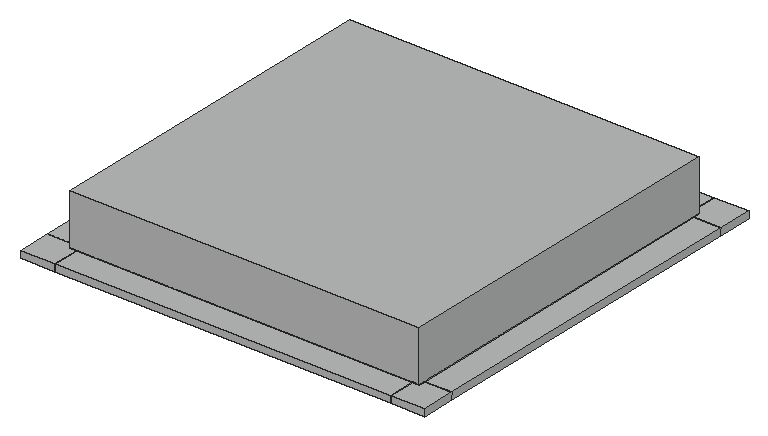
Revit family "ALUMOGIPS", category Осветительные приборы, Revit 2019 (continued)
Types (72, lengths in mm): name | Файл фотометрической сетки | built-in parameter 1150105 | Lumens | built-in parameter 1150106 | built-in parameter 1150142 | Wattage | Emit from Rectangle Width | Emit from Rectangle Length | Длина | Материал светильника | Ширина | ADSK_Ток | ADSK_Полная мощность | ADSK_Обозначение | ADSK_Номинальная мощность | ADSK_Наименование | ADSK_Масса | ADSK_Код изделия
    0.098 0.098 0.098 0.098 0.098 0.098 0.098 0.000 0.000 0.000 0.000 \r\n1417.637 1417.044 1413.295 1407.474 1398.890 1388.135 1374.815 1358.437 1340.184 1319.661 1296.869 1271.808 1244.971 1216.258 1185.673 1153.507 1120.158 1085.131 \r\n1048.823 1011.329 973.046 933.284 893.127 851.884 810.741 768.314 725.888 683.165 639.752 596.240 552.728 509.019 465.902 422.686 379.371 337.044 295.505 254.757 215.388 176.909 \r\n138.232 103.698 70.942 40.157 12.136 0.592 0.592 0.592 0.493 0.493 0.493 0.493 0.493 0.493 0.493 0.395 0.395 0.395 0.395 0.395 0.395 0.395 0.395 0.296 0.296 0.296 0.296 0.296 0.296 0.296 0.296 0.197 \r\n0.197 0.197 0.197 0.197 0.197 0.197 0.197 0.098 0.098 0.098 0.098 0.098 0.098 0.098 0.098 0.000 0.000 0.000 0.000 \r\n1417.637 1416.946 1413.197 1407.376 1398.693 1387.839 1374.520 1358.042 1339.789 1319.168 1296.376 1271.315 1244.477 1215.765 1185.179 1152.915 1119.566 1084.539 \r\n1048.230 1010.638 972.356 932.594 892.436 851.194 810.050 767.623 725.197 682.474 639.160 595.649 552.038 508.427 465.310 422.094 378.878 336.550 295.111 254.362 214.895 176.514 \r\n137.935 103.403 70.744 39.960 11.939 0.592 0.592 0.592 0.493 0.493 0.493 0.493 0.493 0.493 0.493 0.395 0.395 0.395 0.395 0.395 0.395 0.395 0.395 0.296 0.296 0.296 0.296 0.296 0.296 0.296 0.296 0.197 \r\n0.197 0.197 0.197 0.197 0.197 0.197 0.197 0.098 0.098 0.098 0.098 0.098 0.098 0.098 0.098 0.000 0.000 0.000 0.000 \r\n1417.637 1416.946 1413.098 1407.178 1398.495 1387.544 1374.223 1357.747 1339.395 1318.773 1295.882 1270.822 1243.886 1215.174 1184.587 1152.323 1118.974 1083.848 \r\n1047.540 1009.947 971.665 931.903 891.746 850.503 809.359 766.933 724.507 681.784 638.470 594.958 551.445 507.836 464.718 421.502 378.287 336.057 294.617 253.967 214.500 176.119 \r\n137.640 103.106 70.447 39.762 11.741 0.592 0.592 0.592 0.493 0.493 0.493 0.493 0.493 0.493 0.493 0.395 0.395 0.395 0.395 0.395 0.395 0.395 0.395 0.296 0.296 0.296 0.296 0.296 0.296 0.296 0.296 0.197 \r\n0.197 0.197 0.197 0.197 0.197 0.197 0.197 0.098 0.098 0.098 0.098 0.098 0.098 0.098 0.098 0.000 0.000 0.000 0.000 \r\n1417.637 1416.848 1412.999 1407.079 1398.298 1387.247 1373.829 1357.352 1339.000 1318.378 1295.488 1270.327 1243.392 1214.680 1183.995 1151.731 1118.283 1083.257 \r\n1046.849 1009.257 970.975 931.113 891.055 849.813 808.668 766.242 723.914 681.093 637.779 594.266 550.755 507.145 464.126 421.009 377.793 335.564 294.222 253.474 214.105 175.823 \r\n137.343 102.810 70.250 39.467 11.445 0.592 0.592 0.592 0.493 0.493 0.493 0.493 0.493 0.493 0.493 0.395 0.395 0.395 0.395 0.395 0.395 0.395 0.395 0.296 0.296 0.296 0.296 0.296 0.296 0.296 0.296 0.197 \r\n0.197 0.197 0.197 0.197 0.197 0.197 0.197 0.098 0.098 0.098 0.098 0.098 0.098 0.098 0.098 0.000 0.000 0.000 0.000 \r\n1417.637 1416.848 1412.901 1406.882 1398.002 1387.051 1373.533 1356.957 1338.605 1317.983 1294.994 1269.834 1242.899 1214.089 1183.403 1151.041 1117.692 1082.665 \r\n1046.257 1008.566 970.284 930.423 890.266 849.121 807.978 765.552 723.224 680.403 637.187 593.675 550.163 506.553 463.534 420.416 377.300 335.071 293.729 253.079 213.712 175.429 \r\n136.949 102.515 69.954 39.269 11.248 0.592 0.592 0.592 0.493 0.493 0.493 0.493 0.493 0.493 0.493 0.395 0.395 0.395 0.395 0.395 0.395 0.395 0.395 0.296 0.296 0.296 0.296 0.296 0.296 0.296 0.296 0.197 \r\n0.197 0.197 0.197 0.197 0.197 0.197 0.197 0.098 0.098 0.098 0.098 0.098 0.098 0.098 0.098 0.000 0.000 0.000 0.000 \r\n1417.637 1416.749 1412.802 1406.684 1397.805 1386.754 1373.237 1356.661 1338.210 1317.589 1294.599 1269.341 1242.406 1213.496 1182.811 1150.448 1117.099 1081.974 \r\n1045.566 1007.974 969.593 929.732 889.575 848.333 807.287 764.861 722.533 679.712 636.496 592.985 549.472 505.960 462.942 419.825 376.707 334.577 293.236 252.684 213.317 175.034 \r\n136.652 102.218 69.659 39.072 11.051 0.592 0.592 0.592 0.493 0.493 0.493 0.493 0.493 0.493 0.493 0.395 0.395 0.395 0.395 0.395 0.395 0.395 0.395 0.296 0.296 0.296 0.296 0.296 0.296 0.296 0.296 0.197 \r\n0.197 0.197 0.197 0.197 0.197 0.197 0.197 0.098 0.098 0.098 0.098 0.098 0.098 0.098 0.098 0.000 0.000 0.000 0.000 \r\n1417.637 1416.749 1412.704 1406.586 1397.607 1386.458 1372.941 1356.266 1337.815 1317.095 1294.106 1268.848 1241.813 1213.003 1182.219 1149.856 1116.409 1081.382 \r\n1044.876 1007.283 968.902 929.042 888.885 847.642 806.597 764.170 721.843 679.120 635.806 592.293 548.881 505.368 462.351 419.332 376.214 334.084 292.841 252.191 212.922 174.738 \r\n136.357 101.922 69.461 38.776 10.853 0.592 0.592 0.592 0.493 0.493 0.493 0.493 0.493 0.493 0.493 0.395 0.395 0.395 0.395 0.395 0.395 0.395 0.395 0.296 0.296 0.296 0.296 0.296 0.296 0.296 0.296 0.197 \r\n0.197 0.197 0.197 0.197 0.197 0.197 0.197 0.098 0.098 0.098 0.098 0.098 0.098 0.098 0.098 0.000 0.000 0.000 0.000 \r\n1417.637 1416.650 1412.604 1406.389 1397.311 1386.162 1372.546 1355.871 1337.421 1316.701 1293.613 1268.355 1241.320 1212.411 1181.627 1149.265 1115.816 1080.691 \r\n1044.284 1006.593 968.212 928.351 888.194 846.951 805.906 763.479 721.151 678.429 635.213 591.702 548.190 504.777 461.758 418.740 375.721 333.591 292.348 251.796 212.527 174.343 \r\n135.962 101.627 69.165 38.579 10.557 0.592 0.592 0.592 0.493 0.493 0.493 0.493 0.493 0.493 0.493 0.395 0.395 0.395 0.395 0.395 0.395 0.395 0.395 0.296 0.296 0.296 0.296 0.296 0.296 0.296 0.296 0.197 \r\n0.197 0.197 0.197 0.197 0.197 0.197 0.197 0.098 0.098 0.098 0.098 0.098 0.098 0.098 0.098 0.000 0.000 0.000 0.000 \r\n1417.637 1416.650 1412.506 1406.191 1397.114 1385.866 1372.250 1355.576 1337.027 1316.307 1293.218 1267.861 1240.827 1211.918 1181.035 1148.672 1115.225 1080.099 \r\n1043.593 1005.902 967.620 927.660 887.503 846.260 805.215 762.789 720.461 677.739 634.523 591.011 547.598 504.086 461.166 418.247 375.129 333.098 291.855 251.401 212.132 173.948 \r\n135.666 101.429 68.968 38.381 10.360 0.592 0.592 0.592 0.493 0.493 0.493 0.493 0.493 0.493 0.493 0.493 0.395 0.395 0.395 0.395 0.395 0.395 0.395 0.296 0.296 0.296 0.296 0.296 0.296 0.296 0.296 0.197 \r\n0.197 0.197 0.197 0.197 0.197 0.197 0.197 0.098 0.098 0.098 0.098 0.098 0.098 0.098 0.098 0.000 0.000 0.000 0.000 \r\n1417.637 1416.650 1412.407 1406.093 1396.917 1385.669 1371.954 1355.181 1336.632 1315.912 1292.725 1267.368 1240.334 1211.325 1180.443 1147.982 1114.633 1079.409 \r\n1042.903 1005.212 966.929 926.969 886.812 845.569 804.524 762.098 719.770 677.048 633.832 590.320 546.907 503.494 460.574 417.654 374.636 332.603 291.460 250.908 211.738 173.653 \r\n135.371 101.133 68.671 38.086 10.163 0.592 0.592 0.592 0.493 0.493 0.493 0.493 0.493 0.493 0.493 0.493 0.395 0.395 0.395 0.395 0.395 0.395 0.395 0.296 0.296 0.296 0.296 0.296 0.296 0.296 0.296 0.197 \r\n0.197 0.197 0.197 0.197 0.197 0.197 0.197 0.098 0.098 0.098 0.098 0.098 0.098 0.098 0.098 0.000 0.000 0.000 0.000 \r\n1417.637 1416.551 1412.309 1405.895 1396.621 1385.373 1371.559 1354.786 1336.237 1315.419 1292.232 1266.875 1239.742 1210.733 1179.851 1147.390 1113.942 1078.816 \r\n1042.310 1004.521 966.238 926.279 886.121 844.879 803.834 761.408 719.080 676.357 633.240 589.728 546.315 502.902 459.982 417.062 374.043 332.110 290.967 250.513 211.343 173.258 \r\n135.074 100.837 68.376 37.888 9.965 0.592 0.592 0.592 0.493 0.493 0.493 0.493 0.493 0.493 0.493 0.493 0.395 0.395 0.395 0.395 0.395 0.395 0.395 0.296 0.296 0.296 0.296 0.296 0.296 0.296 0.296 0.197 \r\n0.197 0.197 0.197 0.197 0.197 0.197 0.197 0.098 0.098 0.098 0.098 0.098 0.098 0.098 0.098 0.000 0.000 0.000 0.000 \r\n1417.637 1416.551 1412.111 1405.796 1396.423 1385.077 1371.264 1354.391 1335.842 1315.024 1291.837 1266.382 1239.248 1210.240 1179.259 1146.798 1113.350 1078.126 \r\n1041.620 1003.831 965.548 925.588 885.431 844.090 803.143 760.717 718.389 675.666 632.549 589.038 545.723 502.310 459.390 416.569 373.550 331.617 290.474 250.119 210.948 172.863 \r\n134.679 100.541 68.178 37.591 9.669 0.592 0.592 0.592 0.493 0.493 0.493 0.493 0.493 0.493 0.493 0.493 0.395 0.395 0.395 0.395 0.395 0.395 0.395 0.296 0.296 0.296 0.296 0.296 0.296 0.296 0.296 0.197 \r\n0.197 0.197 0.197 0.197 0.197 0.197 0.197 0.098 0.098 0.098 0.098 0.098 0.098 0.098 0.098 0.000 0.000 0.000 0.000 \r\n1417.637 1416.453 1412.013 1405.600 1396.226 1384.781 1370.968 1354.095 1335.448 1314.629 1291.344 1265.888 1238.754 1209.648 1178.667 1146.206 1112.758 1077.534 \r\n1040.929 1003.140 964.857 924.898 884.740 843.400 802.453 760.026 717.698 674.976 631.859 588.446 545.032 501.718 458.798 415.977 373.057 331.124 290.079 249.625 210.553 172.567 \r\n134.383 100.245 67.883 37.394 9.472 0.592 0.592 0.592 0.493 0.493 0.493 0.493 0.493 0.493 0.493 0.493 0.395 0.395 0.395 0.395 0.395 0.395 0.395 0.296 0.296 0.296 0.296 0.296 0.296 0.296 0.296 0.197 \r\n0.197 0.197 0.197 0.197 0.197 0.197 0.197 0.098 0.098 0.098 0.098 0.098 0.098 0.098 0.098 0.000 0.000 0.000 0.000 \r\n1417.637 1416.453 1411.914 1405.402 1395.930 1384.583 1370.671 1353.701 1335.053 1314.234 1290.850 1265.395 1238.261 1209.155 1178.075 1145.515 1112.067 1076.844 \r\n1040.239 1002.548 964.167 924.207 883.951 842.708 801.762 759.336 717.008 674.383 631.267 587.755 544.441 501.126 458.206 415.385 372.465 330.631 289.585 249.231 210.160 172.172 \r\n134.088 99.949 67.685 37.198 9.275 0.592 0.592 0.592 0.493 0.493 0.493 0.493 0.493 0.493 0.493 0.493 0.395 0.395 0.395 0.395 0.395 0.395 0.395 0.296 0.296 0.296 0.296 0.296 0.296 0.296 0.296 0.197 \r\n0.197 0.197 0.197 0.197 0.197 0.197 0.197 0.098 0.098 0.098 0.098 0.098 0.098 0.098 0.098 0.000 0.000 0.000 0.000 \r\n1417.637 1416.354 1411.816 1405.303 1395.733 1384.288 1370.276 1353.307 1334.658 1313.741 1290.456 1264.901 1237.669 1208.563 1177.582 1144.923 1111.476 1076.252 \r\n1039.646 1001.857 963.476 923.417 883.260 842.018 801.072 758.644 716.317 673.693 630.576 587.064 543.749 500.435 457.614 414.891 371.972 330.137 289.191 248.836 209.765 171.778 \r\n133.693 99.653 67.389 36.901 9.077 0.592 0.592 0.592 0.493 0.493 0.493 0.493 0.493 0.493 0.493 0.493 0.395 0.395 0.395 0.395 0.395 0.395 0.395 0.296 0.296 0.296 0.296 0.296 0.296 0.296 0.296 0.197 \r\n0.197 0.197 0.197 0.197 0.197 0.197 0.197 0.098 0.098 0.098 0.098 0.098 0.098 0.098 0.098 0.000 0.000 0.000 0.000 \r\n" | 25.582 W | 275 | 1175 | 1195 | RAL 9006 | 295 | 0.179584 A | 41.3043 VA | "Alumogips-38/opal-sand 295х1195 (IP54, 4000К, серый)" | 38 W | "Встраиваемый светодиодный светильник Alumogips-38/opal-sand 295х1195 (IP54, 4000К, серый) c БАП на 1 час" | 2.5 | "ЦБ000008604"
